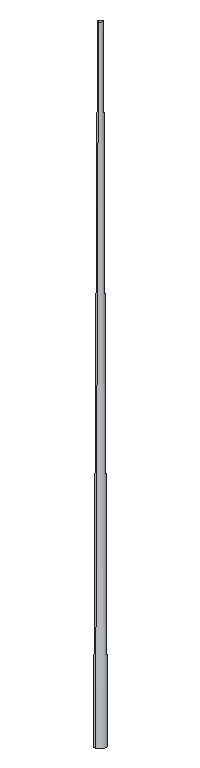
Revit family "Lighting-UrbanSystem-GEWISS-URBAN[O3]-POLES", category Apparecchi per illuminazione, host Superficie, Revit 2019
Family settings
  Host = Superficie
  Quota connettore circolare = Usa diametro
  Tipo di parte = Normale
  Numero OmniClass = 23.80.00.00
  Titolo OmniClass = Electric Power and Lighting
  Taglio con vuoti quando caricato = No
  Sorgente d'illuminazione = No
  Condiviso = No
  Punto di calcolo locali = Sì
Parameters (values of type "GW87592 - STREET CONICAL POLE 8,8m GRAPHITE GREY")
  Weight (kg): = "91"
  Weight (kg) = "91"
  Version file RFA = "20.11"
  URL = "https://www.gewiss.com/ww/en"
  Type: = "Conical"
  Total length (m) = "8,8"
  Top diameter (mm) = "60"
  Technical sheet = "https://www.gewiss.com/ww/en/search?q=GW87592"
  SIMBOLO [instance] = yes
  SEO = "Pole"
  Realized by GEWISS S.p.A. = ""
  Default Elevation = 1219.2 mm
  Produttore = "GEWISS S.p.A."
  Planting (m) = "0,8"
  Palo = none
  Modello = "GW87592"
  Material = "Galvanised steel"
  Immagine tipo = GW84096.jpg
  IFC.TypeObject = ""
  IFC.ExportType = ""
  IFC.ExportAs = ""
  IDT = "fb51b8d7-080d-47f3-85ad-856ae9a19558"
  IDF = "5d5d73d8-af2e-4a7e-bae8-de50127309a4"
  Finishing = "Painted"
  Electrocod = "240"
  EAN code = "8011564782587"
  Diametro inferiore = 148 mm
  Diametro = 60 mm
  Descrizione = "STREET CONICAL POLE 8,8m GRAPHITE GREY"
  Colour = "Graphite grey"
  Catalogue Range = "STREET [O3]"
  Catalogue = "LIGHTING"
  COBie.Tagnumber = ""
  COBie.CreatedOn = ""
  COBie.CreatebBy = ""
  COBie.ComponentRegisterItemID = ""
  COBie.Component.TagNumber = ""
  COBie.Component.Space = ""
  COBie.Component.SerialNumber = ""
  COBie.Component.InstallationDate = ""
  COBie.Component.Description = ""
  COBie.Component.BarCode = ""
  Base diameter (mm) = "148"
  BIDIMENSIONALE [instance] = not(SIMBOLO)  # no
  Altezza palo = 8800 mm
Types (7, lengths in mm): name | Weight (kg): | Weight (kg) | Type: | Total length (m) | Technical sheet | Planting (m) | Modello | Material | IDT | EAN code | Diametro inferiore | Descrizione | Colour | Catalogue Range | Base diameter (mm) | Altezza palo
  GW87591 - STREET CONICAL POLE 6,8m GRAPHITE GREY | "48" | "48" | "Conical" | "6,8" | "https://www.gewiss.com/ww/en/search?q=GW87591" | "0,8" | "GW87591" | "Galvanised steel" | "b1c709b1-2363-4663-a2bd-6850ecaed8ba" | "8011564782570" | 138 | "STREET CONICAL POLE 6,8m GRAPHITE GREY" | "Graphite grey" | "STREET [O3]" | "128" | 6800
  GW87592 - STREET CONICAL POLE 8,8m GRAPHITE GREY | "91" | "91" | "Conical" | "8,8" | "https://www.gewiss.com/ww/en/search?q=GW87592" | "0,8" | "GW87592" | "Galvanised steel" | "fb51b8d7-080d-47f3-85ad-856ae9a19558" | "8011564782587" | 148 | "STREET CONICAL POLE 8,8m GRAPHITE GREY" | "Graphite grey" | "STREET [O3]" | "148" | 8800
  GW87593 - STREET CONICAL POLE 9,8m GRAPHITE GREY | "107" | "107" | "Conical" | "9,8" | "https://www.gewiss.com/ww/en/search?q=GW87593" | "0,8" | "GW87593" | "Galvanised steel" | "d3b2aa7b-33ea-43be-8ddf-58a48c27c07e" | "8011564782594" | 158 | "STREET CONICAL POLE 9,8m GRAPHITE GREY" | "Graphite grey" | "STREET [O3]" | "158" | 9800
  GW87691 - PAINTED CYLINDRICAL POLE D.60MM 3,5M GR. | "31" | "" | "Cylindrical" | "4" | "https://www.gewiss.com/ww/en/search?q=GW87691" | "0,5" | "GW87691" | "" | "06a9735d9e54444aa8360be4193bad20" | "" | 60 | "PAINTED CYLINDRICAL POLE D.60MM 3,5M GR." | "Graphite grey" | "" | "102" | 3500
  GW87692 - PAINTED CYLINDRICAL POLE.D.60MM 4M GR. | "35" | "" | "Cylindrical" | "4,5" | "https://www.gewiss.com/ww/en/search?q=GW87692" | "0,5" | "GW87692" | "" | "1640147c548443ceb56d5b734ace696a" | "" | 60 | "PAINTED CYLINDRICAL POLE.D.60MM 4M GR." | "Graphite grey" | "" | "102" | 4000
  GW87691B - PAINTED CYLINDRICAL POLE D.60MM 3,5M BL. | "31" | "" | "Cylindrical" | "4" | "https://www.gewiss.com/ww/en/search?q=GW87691B" | "0,5" | "GW87691B" | "" | "62d63857abf74adfa0ef70c59dd4c1c2" | "" | 60 | "PAINTED CYLINDRICAL POLE D.60MM 3,5M BL." | "BlueGreen" | "" | "102" | 3500
  GW87692B - PAINTED CYLINDRICAL POLE.D.60MM 4M BLUE | "35" | "" | "Cylindrical" | "4,5" | "https://www.gewiss.com/ww/en/search?q=GW87692B" | "0,5" | "GW87692B" | "" | "67596335bc6647ff91f6417d1fc28b89" | "" | 60 | "PAINTED CYLINDRICAL POLE.D.60MM 4M BLUE" | "BlueGreen" | "" | "102" | 4000
Reference planes
  plane 1 "Centro (Fronte/Retro)": y = 0
  plane 2: z = 0
  plane 3 "Centro (Sinistra/Destra)": x = 0
  plane 4: z = 8800
Forms (mm)
  Blend 1, solid, material <- "Palo"
    base sketch origin (0, 0, 138.951) x (0, -1, 0) y (1, 0, 0)
      loop
        circle (0, 0) r 30
    top sketch origin (0, 0, 138.951) x (0, -1, 0) y (1, 0, 0)
      loop
        circle (0, 0) r 74
    from 8661.049 to -138.951
Lines and regions (mm)
  Masking region 1, visible <- "BIDIMENSIONALE"
    outline origin (0, 0, 138.951) x (0, -1, 0) y (1, 0, 0)
      loop
        circle (0, 0) r 74
  Masking region 2, visible <- "BIDIMENSIONALE"
    outline origin (0, 0, 138.951) x (0, -1, 0) y (1, 0, 0)
      loop
        circle (0, 0) r 30
Dimensions and locks
  "Altezza palo": plane 4 to level
  "Diametro": diameter of Blend 1 sketch curve
  "Diametro inferiore": diameter of Blend 1 sketch curve
  "Diametro inferiore": diameter of Masking region 1 sketch curve
  aligned and locked: plane 2 to host face
  aligned and locked: level to host face
  aligned and locked: plane 4 to Blend 1
  aligned and locked: Blend 1 to level
  aligned and locked: nested 1 to host face
  aligned and locked: nested 2 to level
  aligned and locked: plane 3 "Centro (Sinistra/Destra)" to nested 3
  aligned and locked: nested 3 to plane 1 "Centro (Fronte/Retro)"
Automatic sketch dimensions
  host sketch curve to host sketch curve = 2438.4 mm  (x2)
  plane 1 "Centro (Fronte/Retro)" to Masking region 2 sketch curve = 0 mm
  Masking region 2 sketch curve to plane 3 "Centro (Sinistra/Destra)" = 0 mm
  plane 1 "Centro (Fronte/Retro)" to Blend 1 sketch curve = 0 mm  (x2)
  Blend 1 sketch curve to plane 3 "Centro (Sinistra/Destra)" = 0 mm  (x2)
  plane 1 "Centro (Fronte/Retro)" to Masking region 1 sketch curve = 0 mm
  Masking region 1 sketch curve to plane 3 "Centro (Sinistra/Destra)" = 0 mm
  radius of Masking region 2 sketch curve = 30 mm
Nested families
  nested 1: "2D - PALI CONICI" at (0, 0, 0) x (1, 0, 0) z (0, -1, 0), B <- "Diametro inferiore", H <- "Altezza palo", type "BIDIMENSIONALE"
    with H 8800 mm, B 148 mm
  nested 2: "2D - PALI CONICI" at (0, 0, 0) x (0, 1, 0) z (1, 0, 0), B <- "Diametro inferiore", H <- "Altezza palo", type "BIDIMENSIONALE"
    with H 8800 mm, B 148 mm
  nested 3: "ACCPALO" at (0, 0, 138.951) x (1, 0, 0) z (0, 0, -1), visible <- "SIMBOLO", type "ACCPALO"
Definition of nested family "2D - PALI CONICI"
  Parameters (values of type "BIDIMENSIONALE")
    H [instance] = 860 mm
    B [instance] = 240 mm
  Reference planes
    plane 1 "Centro (Fronte/Retro)": y = 0
    plane 2: z = 0
    plane 3 "Centro (Sinistra/Destra)": x = 0
    plane 4: y = 860
    plane 5: x = -120
    plane 6: x = 120
  Lines and regions (mm)
    Masking region 1, in view "Livello rif."
      outline origin (0, 0, 0) x (1, 0, 0) y (0, 1, 0)
        loop
          line (-120, 0) -> (120, 0) -> (30, 860) -> (-30, 860) -> (-120, 0)
  Dimensions and locks
    "H": plane 4 to plane 1 "Centro (Fronte/Retro)"
    "B": plane 5 to plane 6
    equal spacing: plane 5, plane 3 "Centro (Sinistra/Destra)", plane 6
    Masking region 1 to plane 3 "Centro (Sinistra/Destra)" to Masking region 1 = 30 mm, 30 mm
    locked: Masking region 1 sketch curve to Masking region 1 sketch curve at 60
    equal spacing: Masking region 1 sketch curve, plane 3 "Centro (Sinistra/Destra)", Masking region 1 sketch curve
    aligned and locked: plane 4 to Masking region 1
    aligned and locked: plane 1 "Centro (Fronte/Retro)" to Masking region 1
    aligned and locked: plane 5 to Masking region 1
    aligned and locked: plane 6 to Masking region 1
    aligned and locked: plane 5 to Masking region 1 sketch curve
    aligned and locked: plane 6 to Masking region 1 sketch curve
  Automatic sketch dimensions
    Masking region 1 sketch curve to plane 4 = 0 mm
    plane 1 "Centro (Fronte/Retro)" to Masking region 1 sketch curve = 0 mm
Definition of nested family "ACCPALO"
  Reference planes
    plane 1 "Centro (Fronte/Retro)": y = 0
    plane 2: z = 0
    plane 3 "Centro (Sinistra/Destra)": x = 0
  Lines and regions (mm)
    model lines, in view "Livello rif."
      curve 1: line (-150, 150, 0) -> (150, 150, 0)
      curve 2: line (150, 150, 0) -> (150, -150, 0)
      curve 3: line (150, -150, 0) -> (-150, -150, 0)
      curve 4: line (-150, -150, 0) -> (-150, 150, 0)
      curve 5: line (150, 0, 0) -> (130, 0, 0)
      curve 6: line (-130, 0, 0) -> (-150, 0, 0)
    detail lines, in view "Livello rif."
      curve 7: spline (-17.247, 26.335, 0) -> (-16.659, 25.345, 0) -> (-14.936, 24.424, 0) -> (-12.195, 23.632, 0) -> (-8.623, 23.025, 0) -> (-4.464, 22.643, 0) -> (0, 22.513, 0) -> (4.464, 22.643, 0) -> (8.623, 23.025, 0) -> (12.195, 23.632, 0) -> (14.936, 24.424, 0) -> (16.659, 25.345, 0) -> (17.247, 26.335, 0) -> (16.659, 27.324, 0) -> (14.936, 28.245, 0) -> (12.195, 29.037, 0) -> (8.623, 29.644, 0) -> (4.464, 30.026, 0) -> (0, 30.156, 0) -> (-4.464, 30.026, 0) -> (-8.623, 29.644, 0) -> (-12.195, 29.037, 0) -> (-14.936, 28.245, 0) -> (-16.659, 27.324, 0) -> (-17.247, 26.335, 0)
      curve 8: spline (-17.266, -26.469, 0) -> (-14.61, -27.838, 0) -> (-11.877, -28.965, 0) -> (-9.078, -29.846, 0) -> (-6.224, -30.478, 0) -> (-3.325, -30.859, 0) -> (-0.393, -30.986, 0) -> (2.562, -30.86, 0) -> (5.527, -30.481, 0) -> (8.491, -29.85, 0) -> (11.443, -28.969, 0) -> (14.372, -27.843, 0) -> (17.266, -26.475, 0)
      curve 9: line (-85.401, -52.093, 0) -> (85.401, -52.093, 0)
      curve 10: line (85.401, -52.093, 0) -> (85.401, 52.093, 0)
      curve 11: line (85.401, 52.093, 0) -> (-85.401, 52.093, 0)
      curve 12: line (-85.401, 52.093, 0) -> (-85.401, -52.093, 0)
      curve 13: line (-7.115, 89.747, 0) -> (0, 87.807, 0)
      curve 14: line (0, 87.807, 0) -> (7.644, 89.747, 0)
      curve 15: line (7.644, 89.747, 0) -> (13.23, 95.272, 0)
      curve 16: line (13.23, 95.272, 0) -> (15.288, 102.914, 0)
      curve 17: line (15.288, 102.914, 0) -> (13.23, 110.379, 0)
      curve 18: line (13.23, 110.379, 0) -> (7.759, 115.75, 0)
      curve 19: line (7.759, 115.75, 0) -> (0.173, 117.807, 0)
      curve 20: line (0.173, 117.807, 0) -> (-7.177, 115.868, 0)
      curve 21: line (-7.177, 115.868, 0) -> (-12.763, 110.225, 0)
      curve 22: line (-12.763, 110.225, 0) -> (-14.763, 102.877, 0)
      curve 23: line (-14.763, 102.877, 0) -> (-12.648, 95.396, 0)
      curve 24: line (-12.648, 95.396, 0) -> (-7.115, 89.747, 0)
      curve 25: line (0, 87.807, 0) -> (0, 52.093, 0)
      curve 26: line (-17.266, -26.469, 0) -> (-17.266, 26.335, 0)
      curve 27: line (17.266, -26.475, 0) -> (17.266, 26.335, 0)
